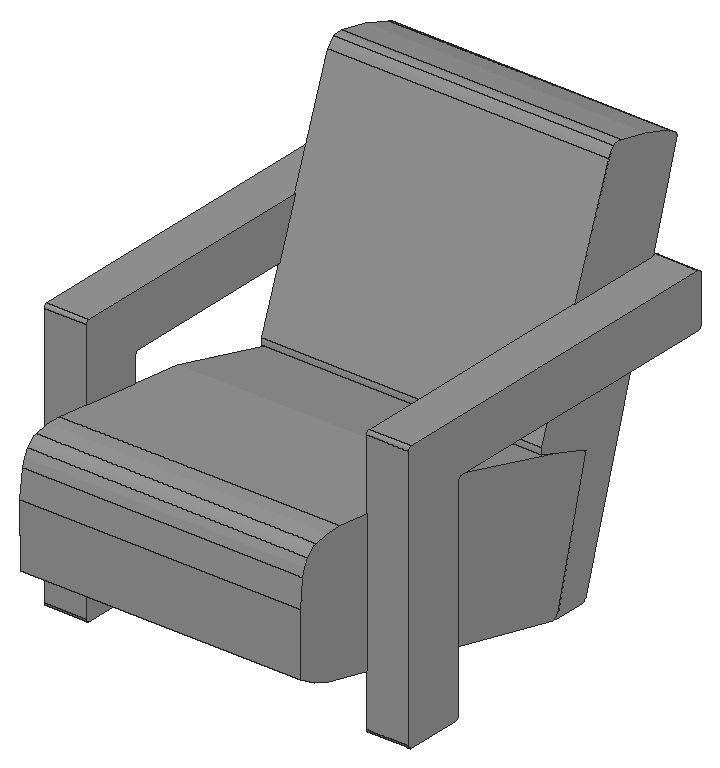
Revit family "Haworth_Utrecht_WideLoungeChair", category Furniture, Revit 2018
Family settings
  OmniClass Number = 23.40.70.14.64.21
  OmniClass Title = Systems Furniture
  Work Plane-Based = No
  Always vertical = Yes
  Cut with Voids When Loaded = No
  Shared = No
  Room Calculation Point = No
Parameters (values of type "Lounge Chair")
  Warranty = "http://www.haworth.com/resources/product-info/warranties"
  URL - Product = "https://www.haworth.com/na/en/products/lounge-sofas/ottomans/utrecht.html"
  URL = "https://www.haworth.com/na/en/about/brands/haworth-collection.html"
  Sustainability Info = "https://www.haworth.com/na/en/expertise/sustainability.html"
  Size = "Verify Final Dim. w/ Haworth"  # constant formula
  Seat Upholstery Finish [instance] = Haworth _ Fabric _ Undecided _ Seating _ Lounge
  Revision Number = "1"  # constant formula
  Model = "Utrect"  # constant formula
  Manufacturer = "Haworth"  # constant formula
  Description = "Haworth - Cassina - Utrect - Wide Lounge Chair"  # constant formula
  Back Upholstery Finish [instance] = Haworth _ Fabric _ Undecided _ Seating _ Lounge
  Author = "Haworth (Bentzen)"  # constant formula
  Assembly Code = "E2020200"
  Arm Upholstery Finish [instance] = Haworth _ Fabric _ Undecided _ Seating _ Lounge
  Actual Width = 27.300"  # constant formula
  Actual Height = 29.600"  # constant formula
  Actual Depth = 35.200"  # constant formula
Reference planes (in)
  plane 1: z = 0
  plane 2 "Center (Left/Right)": x = 57.68562
  plane 3 "Back": y = 63.18871
  plane 4 "Front": y = 27.98871
  plane 5 "Center (Front/Back)": y = 45.58871
  plane 6 "Left": x = 44.03562
  plane 7 "Right": x = 71.33562
Lines and regions (in)
  Masking region 1
    outline origin (0, 0, 0) x (1, 0, 0) y (0, 1, 0)
      loop
        line (47.19697, 63.18871) -> (47.19697, 27.98871) -> (68.17431, 27.98871) -> (68.17431, 63.18871) -> (47.19697, 63.18871)
  symbolic lines
    curve 1: line (47.19697, 61.47961, 0) -> (44.03562, 61.47961, 0)
    curve 2: line (44.03562, 61.47961, 0) -> (44.03562, 34.19955, 0)
    curve 3: line (44.03562, 34.19955, 0) -> (47.19697, 34.19955, 0)
    curve 4: line (68.17427, 61.47961, 0) -> (71.33562, 61.47961, 0)
    curve 5: line (71.33562, 61.47961, 0) -> (71.33562, 34.19955, 0)
    curve 6: line (71.33562, 34.19955, 0) -> (68.17427, 34.19955, 0)
Dimensions and locks (in)
  "Actual Width": plane 6 "Left" to plane 7 "Right"
  "Actual Depth": plane 3 "Back" to plane 4 "Front"
  equal spacing: plane 6 "Left", plane 2 "Center (Left/Right)", plane 7 "Right"
  equal spacing: plane 3 "Back", plane 5 "Center (Front/Back)", plane 4 "Front"
Automatic sketch dimensions
  curve 1 to plane 6 "Left" = 0.000"
  curve 5 to plane 7 "Right" = 0.000"
  plane 4 "Front" to curve 2 = 6.21084"
  curve 4 to plane 3 "Back" = 1.7091"
  curve 1 to plane 3 "Back" = 1.7091"
  curve 2 to curve 3 = 3.16135"
  curve 1 to curve 1 = 3.16135"
  curve 4 to plane 7 "Right" = 3.16135"
  curve 6 to plane 7 "Right" = 3.16135"
  plane 4 "Front" to curve 5 = 6.21084"
  Masking region 1 sketch curve to plane 4 "Front" = 0.000"
  Masking region 1 sketch curve to plane 3 "Back" = 0.000"
  Masking region 1 sketch curve to plane 6 "Left" = 3.16135"
  Masking region 1 sketch curve to plane 7 "Right" = 3.16131"
Nested families (in)
  nested 1: "Haworth_Utrecht_WideLoungeChair_PART_Arm" at (0, 0, 0), Arm Upholstery Finish <- "Arm Upholstery Finish", type "Arm"
    with Arm Upholstery Finish Haworth _ Fabric _ Undecided _ Seating _ Lounge
  nested 2: "Haworth_Utrecht_WideLoungeChair_PART_Seat" at (0, 0, 0), Seat Upholstery Finish <- "Seat Upholstery Finish", type "Seat"
    with Seat Upholstery Finish Haworth _ Fabric _ Undecided _ Seating _ Lounge
  nested 3: "Haworth_Utrecht_WideLoungeChair_PART_Back" at (0, 0, 0), Back Upholstery Finish <- "Back Upholstery Finish", type "Back"
    with Back Upholstery Finish Haworth _ Fabric _ Undecided _ Seating _ Lounge
  nested 4: "Haworth_Utrecht_LoungeChair_PART_Glide" at (-12.68078, -10.60301, 0), type "Glide"
  nested 5: "Haworth_Utrecht_LoungeChair_PART_Glide" at (2.1655, 111.43406, 0) x (0, -1, 0) z (0, 0, 1), type "Glide"
  nested 6: "Haworth_Utrecht_WideLoungeChair_PART_Arm" at (115.37124, 0, 0) x (-1, 0, 0) z (0, 0, 1), Arm Upholstery Finish <- "Arm Upholstery Finish", type "Arm"
    with Arm Upholstery Finish Haworth _ Fabric _ Undecided _ Seating _ Lounge
  nested 7: "Haworth_Utrecht_LoungeChair_PART_Glide" at (128.05203, -10.60301, 0) x (-1, 0, 0) z (0, 0, 1), type "Glide"
  nested 8: "Haworth_Utrecht_LoungeChair_PART_Glide" at (113.20574, 111.43406, 0) x (0, -1, 0) z (0, 0, 1), type "Glide"
Definition of nested family "Haworth_Utrecht_WideLoungeChair_PART_Arm"
  Parameters (values of type "Arm")
    Warranty = "http://www.haworth.com/resources/product-info/warranties"
    URL - Product = "https://www.haworth.com/na/en/products/lounge-sofas/ottomans/utrecht.html"
    URL = "https://www.haworth.com/na/en/about/brands/haworth-collection.html"
    Sustainability Info = "https://www.haworth.com/na/en/expertise/sustainability.html"
    Size = "Verify Final Dim. w/ Haworth"  # constant formula
    Revision Number = "1"  # constant formula
    Model = "Utrect"  # constant formula
    Manufacturer = "Haworth"  # constant formula
    Description = "Haworth - Cassina - Utrect - Wide Lounge Chair"  # constant formula
    Author = "Haworth (Bentzen)"  # constant formula
    Assembly Code = "E2020200"
    Arm Upholstery Finish [instance] = none
    Actual Width = 27.300"  # constant formula
    Actual Height = 29.600"  # constant formula
    Actual Depth = 35.200"  # constant formula
  Reference planes (in)
    plane 1: z = 0
    plane 2 "Center (Left/Right)": x = 57.68562
    plane 3 "Back": y = 63.18871
    plane 4 "Front": y = 27.98871
    plane 5 "Center (Front/Back)": y = 45.58871
    plane 6 "Left": x = 44.03562
    plane 7 "Right": x = 71.33562
    plane 8: x = 47.19697
  Forms (in)
    Extrusion 1, solid, material <- "Arm Upholstery Finish"
      sketch origin (57.68562, 0, 0) x (0, 1, 0) y (0, 0, 1)
        loop
          line (61.22961, 20.48849) -> (34.44955, 20.48849)
          arc (34.44955, 20.48849) -> (34.27278, 20.41526) -> (34.19955, 20.23849) r 0.25
          line (34.19955, 20.23849) -> (34.19955, 0.48673)
          arc (34.19955, 0.48673) -> (34.27278, 0.30996) -> (34.44955, 0.23673) r 0.25
          line (34.44955, 0.23673) -> (38.50341, 0.23673)
          arc (38.50341, 0.23673) -> (38.68019, 0.30996) -> (38.75341, 0.48673) r 0.25
          line (38.75341, 0.48673) -> (38.75341, 16.2207)
          arc (38.75341, 16.2207) -> (38.82663, 16.39748) -> (39.00341, 16.4707) r 0.25
          line (39.00341, 16.4707) -> (61.22961, 16.4707)
          arc (61.22961, 16.4707) -> (61.40639, 16.54392) -> (61.47961, 16.7207) r 0.25
          line (61.47961, 16.7207) -> (61.47961, 20.23849)
          arc (61.47961, 20.23849) -> (61.40639, 20.41526) -> (61.22961, 20.48849) r 0.25
      from -13.65 to -10.48865
  Dimensions and locks (in)
    "Actual Width": plane 6 "Left" to plane 7 "Right"
    "Actual Depth": plane 3 "Back" to plane 4 "Front"
    equal spacing: plane 6 "Left", plane 2 "Center (Left/Right)", plane 7 "Right"
    equal spacing: plane 3 "Back", plane 5 "Center (Front/Back)", plane 4 "Front"
  Automatic sketch dimensions
    plane 4 "Front" to Extrusion 1 sketch curve = 6.21084"
    Extrusion 1 sketch curve to Extrusion 1 sketch curve = 0.250"  (x5)
    level to Extrusion 1 sketch curve = 0.23673"
    Extrusion 1 sketch curve to Extrusion 1 sketch curve = 4.05386"
    Extrusion 1 sketch curve to plane 3 "Back" = 1.9591"  (x2)
    Extrusion 1 sketch curve to Extrusion 1 sketch curve = 15.73397"
    Extrusion 1 sketch curve to Extrusion 1 sketch curve = 3.51779"
Definition of nested family "Haworth_Utrecht_WideLoungeChair_PART_Seat"
  Parameters (values of type "Seat")
    Warranty = "http://www.haworth.com/resources/product-info/warranties"
    URL - Product = "https://www.haworth.com/na/en/products/lounge-sofas/ottomans/utrecht.html"
    URL = "https://www.haworth.com/na/en/about/brands/haworth-collection.html"
    Sustainability Info = "https://www.haworth.com/na/en/expertise/sustainability.html"
    Size = "Verify Final Dim. w/ Haworth"  # constant formula
    Seat Upholstery Finish [instance] = none
    Revision Number = "1"  # constant formula
    Model = "Utrect"  # constant formula
    Manufacturer = "Haworth"  # constant formula
    Description = "Haworth - Cassina - Utrect - Wide Lounge Chair"  # constant formula
    Author = "Haworth (Bentzen)"  # constant formula
    Assembly Code = "E2020200"
    Actual Width = 27.300"  # constant formula
    Actual Height = 29.600"  # constant formula
    Actual Depth = 35.200"  # constant formula
  Reference planes (in)
    plane 1: z = 0
    plane 2 "Center (Left/Right)": x = 57.68562
    plane 3 "Back": y = 63.18871
    plane 4 "Front": y = 27.98871
    plane 5 "Center (Front/Back)": y = 45.58871
    plane 6 "Left": x = 44.03562
    plane 7 "Right": x = 71.33562
    plane 8: x = 47.19697
    plane 9: x = 68.17431
  Forms (in)
    Extrusion 1, solid, material <- "Seat Upholstery Finish"
      sketch origin (57.68562, 0, 0) x (0, 1, 0) y (0, 0, 1)
        loop
          arc (53.53139, 10.75352) -> (42.78541, 13.82682) -> (31.69495, 15.2136) r 72.57205
          arc (31.69495, 15.2136) -> (30.59511, 15.19162) -> (29.50816, 15.02228) r 8.18007
          arc (29.50816, 15.02228) -> (29.04317, 14.8084) -> (28.70522, 14.42402) r 1.23196
          arc (28.70522, 14.42402) -> (28.43969, 13.8552) -> (28.26238, 13.25302) r 4.17788
          arc (28.26238, 13.25302) -> (28.08616, 12.24128) -> (27.98871, 11.21894) r 13.26906
          arc (27.98871, 11.21894) -> (27.9285, 8.8564) -> (28.01407, 6.49464) r 38.31382
          arc (28.01407, 6.49464) -> (29.29487, 5.74492) -> (30.69123, 5.24222) r 8.07695
          arc (30.69123, 5.24222) -> (41.13167, 2.61708) -> (51.60899, 0.14328) r 744.03898
          arc (51.60899, 0.14328) -> (51.88255, 0.19092) -> (52.0403, 0.41943) r 0.35901
          arc (52.0403, 0.41943) -> (53.21898, 5.23028) -> (54.71343, 9.95259) r 74.80834
          arc (54.71343, 9.95259) -> (54.6733, 10.14853) -> (54.5333, 10.29137) r 0.35366
          arc (54.5333, 10.29137) -> (54.04119, 10.54163) -> (53.53139, 10.75352) r 7.2139
      from -10.48865 to 10.48869
Definition of nested family "Haworth_Utrecht_WideLoungeChair_PART_Back"
  Parameters (values of type "Back")
    Warranty = "http://www.haworth.com/resources/product-info/warranties"
    URL - Product = "https://www.haworth.com/na/en/products/lounge-sofas/ottomans/utrecht.html"
    URL = "https://www.haworth.com/na/en/about/brands/haworth-collection.html"
    Sustainability Info = "https://www.haworth.com/na/en/expertise/sustainability.html"
    Size = "Verify Final Dim. w/ Haworth"  # constant formula
    Revision Number = "1"  # constant formula
    Model = "Utrect"  # constant formula
    Manufacturer = "Haworth"  # constant formula
    Description = "Haworth - Cassina - Utrect - Wide Lounge Chair"  # constant formula
    Back Upholstery Finish [instance] = none
    Author = "Haworth (Bentzen)"  # constant formula
    Assembly Code = "E2020200"
    Actual Width = 27.300"  # constant formula
    Actual Height = 29.600"  # constant formula
    Actual Depth = 35.200"  # constant formula
  Reference planes (in)
    plane 1: z = 0
    plane 2 "Center (Left/Right)": x = 57.68562
    plane 3 "Back": y = 63.18871
    plane 4 "Front": y = 27.98871
    plane 5 "Center (Front/Back)": y = 45.58871
    plane 6 "Left": x = 44.03562
    plane 7 "Right": x = 71.33562
  Forms (in)
    Extrusion 1, solid, material <- "Back Upholstery Finish"
      sketch origin (57.68562, 0, 0) x (0, 1, 0) y (0, 0, 1)
        loop
          arc (51.84857, 0.17169) -> (51.89964, 0.11939) -> (51.97072, 0.10231) r 0.13188
          arc (51.97072, 0.10231) -> (53.14734, 0.12584) -> (54.32367, 0.09026) r 23.4277
          arc (54.32367, 0.09026) -> (54.55992, 0.20745) -> (54.70558, 0.42729) r 0.50804
          arc (54.70558, 0.42729) -> (59.08759, 13.99916) -> (63.18871, 27.65853) r 691.35917
          arc (63.18871, 27.65853) -> (62.89714, 28.00122) -> (62.51789, 28.24333) r 1.51712
          arc (62.51789, 28.24333) -> (60.33626, 29.04518) -> (58.06696, 29.5479) r 17.33145
          arc (58.06696, 29.5479) -> (57.67888, 29.55945) -> (57.29936, 29.47755) r 1.60634
          arc (57.29936, 29.47755) -> (57.02665, 29.16346) -> (56.81351, 28.80625) r 2.35262
          arc (56.81351, 28.80625) -> (53.32654, 20.62133) -> (50.61823, 12.14683) r 95.27618
          arc (50.61823, 12.14683) -> (50.57844, 11.93778) -> (50.57012, 11.72513) r 1.42932
          arc (50.57012, 11.72513) -> (52.57026, 11.05952) -> (54.5333, 10.29137) r 40.75164
          arc (54.5333, 10.29137) -> (54.68359, 10.154) -> (54.71343, 9.95259) r 0.30388
          arc (54.71343, 9.95259) -> (53.21898, 5.23028) -> (52.0403, 0.41943) r 74.80834
          arc (52.0403, 0.41943) -> (51.97288, 0.27354) -> (51.84857, 0.17169) r 0.35901
      from -10.48865 to 10.48869
  Dimensions and locks (in)
    "Actual Width": plane 6 "Left" to plane 7 "Right"
    "Actual Depth": plane 3 "Back" to plane 4 "Front"
    equal spacing: plane 6 "Left", plane 2 "Center (Left/Right)", plane 7 "Right"
    equal spacing: plane 3 "Back", plane 5 "Center (Front/Back)", plane 4 "Front"
  Automatic sketch dimensions
    Extrusion 1 sketch curve to plane 3 "Back" = 0.000"
    Extrusion 1 sketch curve to plane 3 "Back" = 1.28851"
    Extrusion 1 sketch curve to Extrusion 1 sketch curve = 2.96771"
    Extrusion 1 sketch curve to Extrusion 1 sketch curve = 1.10701"
    Extrusion 1 sketch curve to plane 3 "Back" = 7.72722"
    Extrusion 1 sketch curve to Extrusion 1 sketch curve = 1.04621"
    level to Extrusion 1 sketch curve = 0.58837"
    plane 5 "Center (Front/Back)" to Extrusion 1 sketch curve = 8.63505"
    plane 5 "Center (Front/Back)" to Extrusion 1 sketch curve = 7.43857"
    Extrusion 1 sketch curve to Extrusion 1 sketch curve = 2.41673"
    level to Extrusion 1 sketch curve = 0.23406"
    Extrusion 1 sketch curve to Extrusion 1 sketch curve = 2.25899"
    Extrusion 1 sketch curve to Extrusion 1 sketch curve = 0.27581"
    Extrusion 1 sketch curve to plane 5 "Center (Front/Back)" = 6.8819"
    level to Extrusion 1 sketch curve = 219.62611"
    Extrusion 1 sketch curve to level = 14.96726"
    plane 3 "Back" to Extrusion 1 sketch curve = 62.06045"
    Extrusion 1 sketch curve to Extrusion 1 sketch curve = 17.37856"
    Extrusion 1 sketch curve to level = 23.30155"
    Extrusion 1 sketch curve to Extrusion 1 sketch curve = 3.95996"
    Extrusion 1 sketch curve to level = 12.58787"
    Extrusion 1 sketch curve to Extrusion 1 sketch curve = 0.25921"
    Extrusion 1 sketch curve to Extrusion 1 sketch curve = 9.42297"
    Extrusion 1 sketch curve to Extrusion 1 sketch curve = 1.76443"
    Extrusion 1 sketch curve to Extrusion 1 sketch curve = 2.40207"
    Extrusion 1 sketch curve to Extrusion 1 sketch curve = 14.44424"
    Extrusion 1 sketch curve to Extrusion 1 sketch curve = 0.92648"
    Extrusion 1 sketch curve to Extrusion 1 sketch curve = 0.17569"
    Extrusion 1 sketch curve to plane 3 "Back" = 0.67082"
    Extrusion 1 sketch curve to Extrusion 1 sketch curve = 0.000"  (x8)
    Extrusion 1 sketch curve to Extrusion 1 sketch curve = 0.7676"
    Extrusion 1 sketch curve to Extrusion 1 sketch curve = 0.29815"
    Extrusion 1 sketch curve to Extrusion 1 sketch curve = 0.11802"
    level to Extrusion 1 sketch curve = 0.09026"
    Extrusion 1 sketch curve to Extrusion 1 sketch curve = 0.1162"
Definition of nested family "Haworth_Utrecht_LoungeChair_PART_Glide"
  Parameters (values of type "Glide")
    Warranty = "http://www.haworth.com/resources/product-info/warranties"
    URL - Product = "https://www.haworth.com/na/en/products/lounge-sofas/ottomans/utrecht.html"
    URL = "https://www.haworth.com/na/en/about/brands/haworth-collection.html"
    Sustainability Info = "https://www.haworth.com/na/en/expertise/sustainability.html"
    Size = "Verify Final Dim. w/ Haworth"  # constant formula
    Revision Number = "1"  # constant formula
    Model = "Utrect"  # constant formula
    Manufacturer = "Haworth"  # constant formula
    Description = "Haworth - Cassina - Utrect - Lounge Chair"  # constant formula
    Author = "Haworth (Bentzen)"  # constant formula
    Assembly Code = "E2020200"
    Actual Width = 25.200"  # constant formula
    Actual Height = 27.500"  # constant formula
    Actual Depth = 33.400"  # constant formula
  Reference planes (in)
    plane 1: z = 0
    plane 2 "Center (Left/Right)": x = 58.43526
    plane 3: y = 48.9345
    plane 4: y = 45.39118
    plane 5: y = 46.88875
    plane 6: x = 57.11918
    plane 7: x = 59.47843
  Forms (in)
    Extrusion 1, solid
      sketch origin (58.43526, 0, 0) x (0, 1, 0) y (0, 0, 1)
        loop
          line (48.9345, 0.77611) -> (45.39118, 0.77611) -> (45.39118, 0.05)
          arc (45.39118, 0.05) -> (45.40582, 0.01464) -> (45.44118, 0) r 0.05
          line (45.44118, 0) -> (48.8845, 0)
          arc (48.8845, 0) -> (48.91985, 0.01464) -> (48.9345, 0.05) r 0.05
          line (48.9345, 0.05) -> (48.9345, 0.77611)
      from -1.31608 to 1.04318
